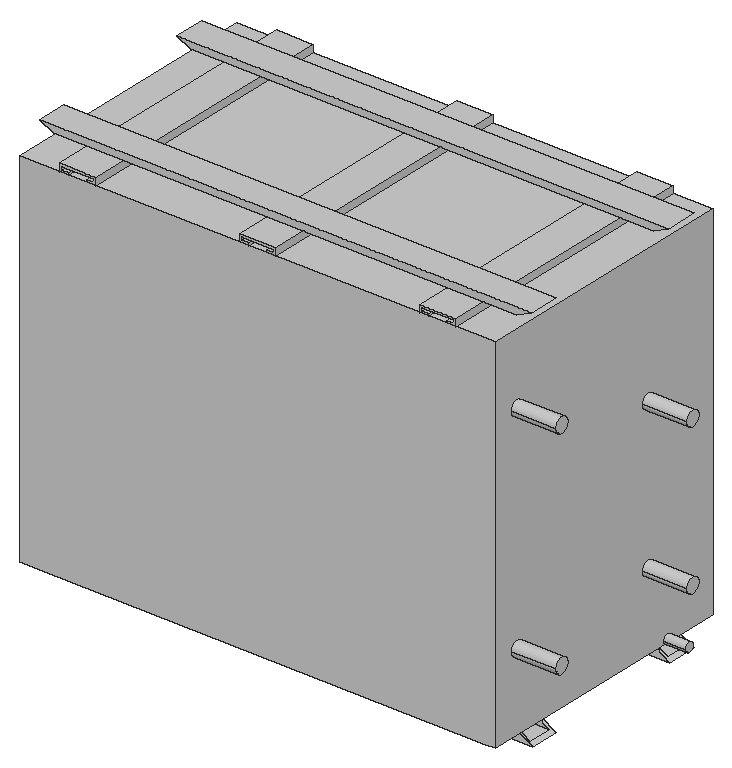
Revit family "Heat Pump-Rheem-W2W-15kW B", category Mechanical Equipment, Revit 2016
Family settings
  Part Type = Normal
  Round Connector Dimension = Use Radius
  OmniClass Number = 23.75.10.21
  OmniClass Title = Heat Pumps
  Work Plane-Based = No
  Always vertical = Yes
  Cut with Voids When Loaded = No
  Shared = No
  Room Calculation Point = No
Parameters (values of type "9540150S")
  calcTopSupport = if(Show Top Supports, 32 mm, 0 mm)  # 32 mm
  calcFanGuardDepth = 133 mm  # constant formula
  Width_ANZRS = 599 mm  # constant formula
  Wattage_ANZRS = 15 kW  # constant formula
  Voltage_ANZRS = 230 V
  URL = "https://www.rheem.com.au/products/commercial/commercial-heat-pumps"
  Type Comments = ""
  SupportInsetSide = 77 mm  # constant formula
  Show Top Supports = yes
  ProductCode_ANZRS = "9540150S"
  PowerFactor_ANZRS = 1
  OutletPipeDiameter = 32 mm  # constant formula
  calcOutletPipeRad = if(1 = 1, OutletPipeDiameter / 2, 0 mm)  # 16 mm
  Model = "Rheem Commercial Water to Water Heat Pump – 15kW Stackable Model"
  Material_ANZRS = Rheem-Steel-Grey
  Manufacturer = "Rheem"  # constant formula
  Length_ANZRS = 1049 mm  # constant formula
  InletPipeDiameter = 32 mm  # constant formula
  calcInletPipeRadius = if(1 = 1, InletPipeDiameter / 2, 0 mm)  # 16 mm
  Height_ANZRS = if(Show Top Supports, 859 mm, 827 mm)  # 859 mm
  Description = "Rheem's Commercial Water to Water (W2W) heat pump includes units using R134a for hot water heating up to 65°C, with a minimum entering water temperature on the building loop of 12°C, giving a return water temperature of 7°C, with the units being compact and suitable for indoor or external installation. Stackable models allow units to be stacked two high for reduced footprint."
  CreatedBy_ANZRS = "Design Content"  # constant formula
  CreatedByURL_ANZRS = "https://www.designcontent.com.au/"
  Assembly Code = ""
  ApparentLoad_ANZRS = Wattage_ANZRS  # 15 kW
Types (2, lengths in mm): name | calcTopSupport | Show Top Supports | ProductCode_ANZRS | Model | Height_ANZRS | Description
  95401500 | 0 | no | "95401500" | "Rheem Commercial Water to Water Heat Pump – 15kW" | 827 | "Rheem's Commercial Water to Water (W2W) heat pump includes units using R134a for hot water heating up to 65°C, with a minimum entering water temperature on the building loop of 12°C, giving a return water temperature of 7°C, with the units being compact and suitable for indoor or external installation."
  9540150S | 32 | yes | "9540150S" | "Rheem Commercial Water to Water Heat Pump – 15kW Stackable Model" | 859 | "Rheem's Commercial Water to Water (W2W) heat pump includes units using R134a for hot water heating up to 65°C, with a minimum entering water temperature on the building loop of 12°C, giving a return water temperature of 7°C, with the units being compact and suitable for indoor or external installation. Stackable models allow units to be stacked two high for reduced footprint."
Reference planes
  plane 1 "Center (Front/Back)": y = 0
  plane 2: z = 0
  plane 3 "Center (Left/Right)": x = 0
  plane 4 "Back": y = 299.5
  plane 5 "Front": y = -299.5
  plane 6 "Left": x = -524.5
  plane 7 "Right": x = 524.5
  plane 8: z = 24
  plane 9 "HEIGHT": z = 827
  plane 10 "Inlet": z = 197
  plane 11 "Outlet": z = 673
  plane 12: x = 624.5
  plane 13: y = -222.5
  plane 14: y = 222.5
  plane 15: x = 574.5
  plane 16: z = 859
  plane 17: x = -544.5
  plane 18: x = 544.5
  plane 19 "Pipework": y = -241.5
Forms (mm)
  Extrusion 1, solid, material "Rheem-Steel-Grey" <- "Material_ANZRS", detail levels medium+fine
    sketch origin (0, 0, 0) x (1, 0, 0) y (0, 1, 0)
      loop
        line (-524.5, 299.5) -> (-524.5, -299.5) -> (524.5, -299.5) -> (524.5, 299.5) -> (-524.5, 299.5)
    from 24 to 827
  Extrusion 2, solid, material "Rheem-Steel-Grey" <- "Material_ANZRS"
    sketch origin (0, 111.908, 381.979) x (0, -1, 0) y (0, 0, 1)
      loop
        circle (353.408, -184.979) r 16
      loop
        circle (353.408, 291.021) r 16
      loop
        circle (-8.592, -184.979) r 16
      loop
        circle (-8.592, 145.021) r 16
    from -524.5 to -624.5
  Extrusion 3, solid, material "Rheem-Steel-Grey" <- "Material_ANZRS"
    sketch origin (524.5, 0, 0) x (0, -1, 0) y (0, 0, -1)
      loop
        circle (-173.5, -34) r 10
    from 0 to 50
  Extrusion 4, solid, material "Rheem-Steel-Grey" <- "Material_ANZRS", detail levels coarse
    sketch origin (0, 0, 827) x (-1, 0, 0) y (0, -1, 0)
      loop
        line (524.5, -299.5) -> (524.5, 299.5) -> (-524.5, 299.5) -> (-524.5, -299.5) -> (524.5, -299.5)
    from -827 to 32
  Extrusion 5, solid, material "Rheem-Steel-Grey" <- "Material_ANZRS", detail levels medium+fine
    sketch origin (0, 0, 0) x (0, 1, 0) y (0, 0, 1)
      loop
        line (247.5, 24) -> (217.5, 24) -> (217.5, 5) -> (163.086, 5) -> (163.086, 24) -> (133, 24) -> (133, 19) -> (158, 19) -> (158, 0) -> (222.5, 0) -> (222.5, 19) -> (247.5, 19) -> (247.5, 24)
      loop
        line (-133, 24) -> (-163, 24) -> (-163, 5) -> (-217.414, 5) -> (-217.414, 24) -> (-247.5, 24) -> (-247.5, 19) -> (-222.5, 19) -> (-222.5, 0) -> (-158, 0) -> (-158, 19) -> (-133, 19) -> (-133, 24)
    from -544.5 to 544.5
  Extrusion 6, solid, material "Rheem-Steel-Grey" <- "Material_ANZRS", visible <- "Show Top Supports", detail levels medium+fine
    sketch origin (0, 0, 0) x (1, 0, 0) y (0, 0, 1)
      loop
        line (-437.141, 827) -> (-417.141, 827) -> (-417.141, 832) -> (-432.141, 832) -> (-432.141, 838) -> (-362.141, 838) -> (-362.141, 832) -> (-377.141, 832) -> (-377.141, 827) -> (-357.141, 827) -> (-357.141, 843) -> (-437.141, 843) -> (-437.141, 827)
      loop
        line (357.141, 827) -> (377.141, 827) -> (377.141, 832) -> (362.141, 832) -> (362.141, 838) -> (432.141, 838) -> (432.141, 832) -> (417.141, 832) -> (417.141, 827) -> (437.141, 827) -> (437.141, 843) -> (357.141, 843) -> (357.141, 827)
      loop
        line (-40, 827) -> (-20, 827) -> (-20, 832) -> (-35, 832) -> (-35, 838) -> (35, 838) -> (35, 832) -> (20, 832) -> (20, 827) -> (40, 827) -> (40, 843) -> (-40, 843) -> (-40, 827)
    from -299.5 to 299.5
  Extrusion 7, solid, material "Rheem-Steel-Grey" <- "Material_ANZRS", visible <- "Show Top Supports", detail levels medium+fine
    sketch origin (23.5, 184.859, 18.5) x (0, -1, 0) y (0, 0, 1)
      loop
        line (29.359, 824.5) -> (29.359, 840.5) -> (-38.641, 840.5) -> (-38.641, 824.5) -> (-18.617, 824.5) -> (-18.617, 829) -> (-33.617, 829) -> (-33.617, 835.5) -> (24.359, 835.5) -> (24.359, 829) -> (9.359, 829) -> (9.359, 824.5) -> (29.359, 824.5)
      loop
        line (340.359, 824.5) -> (360.359, 824.5) -> (360.359, 829) -> (345.359, 829) -> (345.359, 835.5) -> (403.334, 835.5) -> (403.334, 829) -> (388.334, 829) -> (388.334, 824.5) -> (408.359, 824.5) -> (408.359, 840.5) -> (340.359, 840.5) -> (340.359, 824.5)
    from -521 to 568
  Extrusion 8, solid, detail levels medium+fine
    sketch origin (725.494, 299.5, 222.402) x (-1, 0, 0) y (0, 0, 1)
      loop
        circle (252.008, 381.5) r 15
      loop
        circle (252.008, 431.5) r 15
      loop
        circle (252.008, 331.5) r 15
      loop
        circle (252.008, 281.5) r 10
      loop
        circle (252.008, 231.5) r 10
    from 0 to 5
  Extrusion 9, void
    sketch origin (0, 0, 0) x (1, 0, 0) y (0, 0, 1)
      loop
        line (-511.136, 843) -> (-544.5, 860) -> (-544.5, 843) -> (-511.136, 843)
      loop
        line (511.136, 843) -> (544.5, 843) -> (544.5, 859.5) -> (511.136, 843)
      loop
        line (-502.931, 24) -> (-544.5, 24) -> (-544.5, 0) -> (-502.931, 24)
      loop
        line (502.931, 24) -> (544.5, 0) -> (544.5, 24) -> (502.931, 24)
    from -299.5 to 299.5
Cuts and joins
  Extrusion 9 cuts Extrusion 1
  Extrusion 9 cuts Extrusion 5
  Extrusion 9 cuts Extrusion 7
Lines and regions (mm)
  Split face 1
    outline origin (524.5, 299.5, 827) x (0, 0, -1) y (-1, 0, 0)
      loop
        line (140, 100) -> (802, 100) -> (802, 949) -> (140, 949) -> (140, 100)
  Split face 2
    outline origin (524.5, 299.5, 827) x (0, 0, -1) y (-1, 0, 0)
      loop
        line (120, 100) -> (120, 949) -> (20, 949) -> (20, 100) -> (120, 100)
Dimensions and locks
  equal spacing: plane 6 "Left", plane 3 "Center (Left/Right)", plane 7 "Right"
  equal spacing: plane 4 "Back", plane 1 "Center (Front/Back)", plane 5 "Front"
  "Width_ANZRS": plane 4 "Back" to plane 5 "Front"
  "Length_ANZRS": plane 6 "Left" to plane 7 "Right"
  locked: plane 12 to plane 7 "Right" at 100
  "SupportInsetSide": plane 5 "Front" to plane 13
  "SupportInsetSide": plane 14 to plane 4 "Back"
  locked: Extrusion 3 sketch curve to plane 8 at 10
  equal spacing: plane 12, plane 15, plane 7 "Right"
  locked: plane 8 to Extrusion 5 sketch curve at 5  (x2)
  Extrusion 5 sketch curve to plane 14 to Extrusion 5 sketch curve to Extrusion 5 sketch curve to Extrusion 5 sketch curve to Extrusion 5 sketch curve = 25 mm locked, 5 mm locked, 54.414 mm locked, 5.086 mm locked, 25 mm locked
  locked: plane 4 "Back" to Extrusion 3 sketch curve at 126
  Extrusion 5 sketch curve to Extrusion 5 sketch curve to Extrusion 5 sketch curve to Extrusion 5 sketch curve to Extrusion 5 sketch curve to Extrusion 5 sketch curve = 25 mm locked, 5 mm locked, 54.414 mm locked, 5.086 mm locked, 25 mm locked
  locked: Extrusion 6 sketch curve to plane 9 "HEIGHT" at 16
  Extrusion 6 sketch curve to Extrusion 6 sketch curve to plane 9 "HEIGHT" = 6 mm locked, 5 mm locked  (x3)
  locked: plane 9 "HEIGHT" to plane 8 at 803
  locked: plane 8 to plane 2 at 24
  locked: nested 1 to plane 9 "HEIGHT" at 300
  locked: plane 17 to plane 6 "Left" at 20
  locked: plane 18 to plane 7 "Right" at 20
  Extrusion 9 sketch curve to Extrusion 9 sketch curve to plane 9 "HEIGHT" = 17 mm, 16 mm
  Extrusion 9 sketch curve to Extrusion 9 sketch curve to plane 9 "HEIGHT" = 16.5 mm locked, 16 mm locked
  locked: plane 19 "Pipework" to plane 5 "Front" at 58
  locked: plane 10 "Inlet" to plane 2 at 197
  locked: plane 11 "Outlet" to plane 10 "Inlet" at 476
  locked: Extrusion 2 sketch curve to plane 4 "Back" at 179  (x2)
  locked: Extrusion 2 sketch curve to plane 10 "Inlet" at 330
  locked: plane 8 to Split face 1 sketch curve at 1
  Split face 1 sketch curve to plane 9 "HEIGHT" = 140 mm
  locked: Split face 1 sketch curve to plane 7 "Right" at 100
  locked: plane 6 "Left" to Split face 1 sketch curve at 100
  locked: plane 7 "Right" to Split face 2 sketch curve at 100
  locked: plane 6 "Left" to Split face 2 sketch curve at 100
  locked: Split face 2 sketch curve to plane 9 "HEIGHT" at 20
  locked: Split face 2 sketch curve to plane 9 "HEIGHT" at 120
  "calcTopSupport": plane 16 to plane 9 "HEIGHT"
  Extrusion 7 sketch curve to Extrusion 7 sketch curve to Extrusion 7 sketch curve to Extrusion 7 sketch curve to plane 9 "HEIGHT" = 5 mm locked, 6.5 mm locked, 4.5 mm locked, 16 mm locked
  "calcOutletPipeRad": radius of Extrusion 2 sketch curve
  "calcInletPipeRadius": radius of Extrusion 2 sketch curve
  radius of Extrusion 3 sketch curve = 10 mm
  aligned and locked: level to plane 2
  aligned and locked: Extrusion 1 sketch curve to plane 6 "Left"
  aligned and locked: Extrusion 1 sketch curve to plane 7 "Right"
  aligned and locked: plane 9 "HEIGHT" to Extrusion 1
  aligned and locked: Extrusion 1 to plane 8
  aligned and locked: plane 5 "Front" to Extrusion 1
  aligned and locked: Extrusion 2 to plane 7 "Right"
  aligned and locked: plane 11 "Outlet" to Extrusion 2 sketch curve
  aligned and locked: plane 10 "Inlet" to Extrusion 2 sketch curve
  aligned and locked: plane 15 to Extrusion 3
  aligned and locked: Extrusion 4 sketch curve to plane 4 "Back"
  aligned and locked: Extrusion 4 sketch curve to plane 5 "Front"
  aligned and locked: Extrusion 4 sketch curve to plane 7 "Right"
  aligned and locked: Extrusion 4 sketch curve to plane 6 "Left"
  aligned and locked: Extrusion 4 to plane 2
  aligned and locked: plane 16 to Extrusion 4
  aligned and locked: plane 12 to Extrusion 2
  aligned and locked: plane 5 "Front" to Extrusion 6
  aligned and locked: plane 4 "Back" to Extrusion 6
  aligned and locked: Extrusion 6 sketch curve to Extrusion 6 sketch curve  (x8)
  aligned and locked: plane 4 "Back" to Extrusion 1
  aligned and locked: Extrusion 7 sketch curve to Extrusion 7 sketch curve  (x8)
  aligned and locked: nested 1 to plane 3 "Center (Left/Right)"
  aligned and locked: Extrusion 5 to plane 17
  aligned and locked: plane 18 to Extrusion 5
  aligned and locked: Extrusion 7 to plane 17
  aligned and locked: plane 18 to Extrusion 7
  aligned and locked: plane 17 to Extrusion 9 sketch curve
  aligned and locked: Extrusion 9 sketch curve to plane 8
  aligned and locked: Extrusion 9 sketch curve to plane 17
  aligned and locked: plane 18 to Extrusion 9 sketch curve
  aligned and locked: Extrusion 9 to Extrusion 1  (x2)
  aligned and locked: plane 19 "Pipework" to Extrusion 2 sketch curve  (x2)
Automatic sketch dimensions
  plane 5 "Front" to Extrusion 1 sketch curve = 0 mm
  Extrusion 1 sketch curve to plane 4 "Back" = 0 mm
  Extrusion 5 sketch curve to plane 8 = 0 mm  (x4)
  Extrusion 5 sketch curve to level = 0 mm  (x2)
  Extrusion 5 sketch curve to plane 13 = 0 mm
  Extrusion 5 sketch curve to plane 14 = 0 mm
  level to Extrusion 5 sketch curve = 5 mm  (x2)
  Extrusion 5 sketch curve to plane 8 = 5 mm  (x2)
  Extrusion 6 sketch curve to plane 9 "HEIGHT" = 0 mm  (x3)
  Extrusion 6 sketch curve to plane 6 "Left" = 87.359 mm
  Extrusion 6 sketch curve to Extrusion 6 sketch curve = 5 mm  (x6)
  Extrusion 6 sketch curve to Extrusion 6 sketch curve = 15 mm  (x6)
  Extrusion 6 sketch curve to Extrusion 6 sketch curve = 40 mm  (x2)
  Extrusion 6 sketch curve to plane 3 "Center (Left/Right)" = 40 mm
  plane 3 "Center (Left/Right)" to Extrusion 6 sketch curve = 20 mm
  Extrusion 6 sketch curve to plane 7 "Right" = 167.359 mm
  Extrusion 8 sketch curve to plane 7 "Right" = 51.014 mm  (x2)
  Extrusion 8 sketch curve to plane 11 "Outlet" = 119.098 mm
  Extrusion 8 sketch curve to Extrusion 8 sketch curve = 0 mm  (x3)
  Extrusion 8 sketch curve to Extrusion 8 sketch curve = 50 mm  (x3)
  Extrusion 8 sketch curve to plane 11 "Outlet" = 69.098 mm
  Extrusion 9 sketch curve to plane 8 = 0 mm
  Extrusion 9 sketch curve to plane 18 = 0 mm
  Extrusion 9 sketch curve to level = 0 mm  (x2)
  Extrusion 9 sketch curve to plane 6 "Left" = 13.364 mm
  Extrusion 9 sketch curve to plane 6 "Left" = 21.569 mm
  Extrusion 9 sketch curve to plane 7 "Right" = 21.569 mm
  Extrusion 9 sketch curve to plane 7 "Right" = 13.364 mm
  plane 14 to Extrusion 7 sketch curve = 1 mm
  Extrusion 7 sketch curve to plane 14 = 4.024 mm
  Extrusion 7 sketch curve to Extrusion 7 sketch curve = 15 mm  (x3)
  Extrusion 7 sketch curve to Extrusion 7 sketch curve = 27.976 mm
  Extrusion 7 sketch curve to Extrusion 7 sketch curve = 5 mm  (x2)
  plane 13 to Extrusion 7 sketch curve = 67 mm
  plane 13 to Extrusion 7 sketch curve = 19.024 mm
  plane 13 to Extrusion 7 sketch curve = 4.024 mm
  Extrusion 7 sketch curve to plane 13 = 1 mm
  Extrusion 2 sketch curve to plane 10 "Inlet" = 0 mm
  radius of Extrusion 8 sketch curve = 15 mm  (x3)
  radius of Extrusion 8 sketch curve = 10 mm  (x2)
  radius of Extrusion 2 sketch curve = 16 mm  (x2)
Nested families
  nested 1: "X_Rheem Logo" at (0, 299.5, 527) x (-1, 0, 0) z (0, 1, 0), type "Standard", detail levels fine
Connectors
  piping at (624.5, -241.5, 197), diameter 32, driven by "calcInletPipeRadius"
    settings: on Extrusion 2, index 9, connector inside diameter 20 mm, connector length 0 mm, flow factor 0, pipe flow 0.0 L/s, pressure drop 0.0 Pa, fitting loss kfactor 0, connector angle 0.00°, fixture units 0, engagement length 0 mm, angle of deflection 0.00°, flow configuration 1, flow direction 1, fitting loss method 0, system type 20, joint type 0, gender type 0, connector reference index -1, connector utility 0, adjustable connector no, is connector primary yes, connector description "Water In"
  piping at (624.5, -241.5, 197), diameter 32, driven by "calcOutletPipeRad"
    settings: on Extrusion 2, index 10, connector inside diameter 20 mm, connector length 0 mm, flow factor 0, pipe flow 0.0 L/s, pressure drop 0.0 Pa, fitting loss kfactor 0, connector angle 0.00°, fixture units 0, engagement length 0 mm, angle of deflection 0.00°, flow configuration 1, flow direction 2, fitting loss method 0, system type 20, joint type 0, gender type 0, connector reference index -1, connector utility 0, adjustable connector no, is connector primary no, connector description "CW Out"
  piping at (574.5, 173.5, 34), diameter 20
    settings: on Extrusion 3, index 11, connector inside diameter 609.6 mm, connector length 0 mm, flow factor 0, pipe flow 0.0 L/s, pressure drop 0.0 Pa, fitting loss kfactor 0, connector angle 0.00°, fixture units 0, engagement length 0 mm, angle of deflection 0.00°, flow configuration 1, flow direction 2, fitting loss method 0, system type 16, joint type 0, gender type 0, connector reference index -1, connector utility 0, adjustable connector no, is connector primary no, connector description ""
  piping at (624.5, -241.5, 673), diameter 32, driven by "calcInletPipeRadius"
    settings: on Extrusion 2, index 16, connector inside diameter 609.6 mm, connector length 0 mm, flow factor 0, pipe flow 0.0 L/s, pressure drop 0.0 Pa, fitting loss kfactor 0, connector angle 0.00°, fixture units 0, engagement length 0 mm, angle of deflection 0.00°, flow configuration 1, flow direction 1, fitting loss method 0, system type 20, joint type 0, gender type 0, connector reference index -1, connector utility 0, adjustable connector no, is connector primary no, connector description "CW In"
  electrical at (473.486, 299.5, 653.902), driven by "Voltage_ANZRS", driven by "ApparentLoad_ANZRS", driven by "PowerFactor_ANZRS"
    settings: on Extrusion 8, index 17, voltage 230 V, apparent load 15 kW, apparent load phase1 0 kW, apparent load phase2 0 kW, apparent load phase3 0 kW, power factor 1, load classification "Power", number of poles 1, system type 30, power factor state 1, is connector primary yes, connector utility no, sub classification motor no, connector description ""
  electrical at (473.486, 299.5, 603.902), driven by "Voltage_ANZRS", driven by "ApparentLoad_ANZRS", driven by "PowerFactor_ANZRS"
    settings: on Extrusion 8, index 18, voltage 230 V, apparent load 15 kW, apparent load phase1 0 kW, apparent load phase2 0 kW, apparent load phase3 0 kW, power factor 1, load classification "Power", number of poles 1, system type 30, power factor state 1, is connector primary no, connector utility no, sub classification motor no, connector description ""
  electrical at (473.486, 299.5, 553.902), driven by "Voltage_ANZRS", driven by "ApparentLoad_ANZRS", driven by "PowerFactor_ANZRS"
    settings: on Extrusion 8, index 19, voltage 230 V, apparent load 15 kW, apparent load phase1 0 kW, apparent load phase2 0 kW, apparent load phase3 0 kW, power factor 1, load classification "Power", number of poles 1, system type 30, power factor state 1, is connector primary no, connector utility no, sub classification motor no, connector description ""
  electrical at (473.486, 299.5, 503.902), driven by "Voltage_ANZRS", driven by "ApparentLoad_ANZRS", driven by "PowerFactor_ANZRS"
    settings: on Extrusion 8, index 20, voltage 230 V, apparent load 15 kW, apparent load phase1 0 kW, apparent load phase2 0 kW, apparent load phase3 0 kW, power factor 1, load classification "Power", number of poles 1, system type 30, power factor state 1, is connector primary no, connector utility no, sub classification motor no, connector description ""
  electrical at (473.486, 299.5, 453.902), driven by "Voltage_ANZRS", driven by "ApparentLoad_ANZRS", driven by "PowerFactor_ANZRS"
    settings: on Extrusion 8, index 21, voltage 230 V, apparent load 15 kW, apparent load phase1 0 kW, apparent load phase2 0 kW, apparent load phase3 0 kW, power factor 1, load classification "Power", number of poles 1, system type 30, power factor state 1, is connector primary no, connector utility no, sub classification motor no, connector description ""
  piping at (624.5, 120.5, 197), diameter 32, driven by "calcInletPipeRadius"
    settings: on Extrusion 2, index 22, connector inside diameter 609.6 mm, connector length 0 mm, flow factor 0, pipe flow 0.0 L/s, pressure drop 0.0 Pa, fitting loss kfactor 0, connector angle 0.00°, fixture units 0, engagement length 0 mm, angle of deflection 0.00°, flow configuration 1, flow direction 1, fitting loss method 0, system type 19, joint type 0, gender type 0, connector reference index -1, connector utility 0, adjustable connector no, is connector primary no, connector description "HW In"
  piping at (624.5, 120.5, 527), diameter 32, driven by "calcOutletPipeRad"
    settings: on Extrusion 2, index 23, connector inside diameter 609.6 mm, connector length 0 mm, flow factor 0, pipe flow 0.0 L/s, pressure drop 0.0 Pa, fitting loss kfactor 0, connector angle 0.00°, fixture units 0, engagement length 0 mm, angle of deflection 0.00°, flow configuration 1, flow direction 2, fitting loss method 0, system type 19, joint type 0, gender type 0, connector reference index -1, connector utility 0, adjustable connector no, is connector primary no, connector description "HW Out"
Definition of nested family "X_Rheem Logo"
  Parameters (values of type "Standard")
    Default Elevation = 1219.2 mm
    Assembly Code = ""
  Reference planes
    plane 1 "Center (Front/Back)": y = 0
    plane 2: z = 0
    plane 3 "Center (Left/Right)": x = 0
  Forms (mm)
    Extrusion 1, solid
      sketch origin (0, 0, 0) x (1, 0, 0) y (0, 1, 0)
        loop
          line (-1219.2, 1219.2) -> (-1219.2, -1219.2) -> (1219.2, -1219.2) -> (1219.2, 1219.2) -> (-1219.2, 1219.2)
      from 0 to -304.8
    Extrusion 2, solid
      sketch origin (0, 0, 0) x (1, 0, 0) y (0, 1, 0)
        loop
          arc (-33.529, -21.813) -> (38.36, -11.338) -> (-16.283, 36.536) r 40
          line (-16.283, 36.536) -> (-16.283, 5.397)
          arc (-16.283, 5.397) -> (-14.75, 6.901) -> (-12.662, 7.405) r 4.033
          arc (-12.662, 7.405) -> (-9.852, 6.403) -> (-8.561, 3.712) r 3.918
          line (-8.561, 3.712) -> (-8.561, -8.033) -> (-11.525, -8.033) -> (-11.525, 1.806)
          arc (-11.525, 1.806) -> (-12.858, 4.057) -> (-15.428, 3.572) r 2.279
          arc (-15.428, 3.572) -> (-15.988, 2.759) -> (-16.246, 1.806) r 2.925
          line (-16.246, 1.806) -> (-16.246, -8.079) -> (-19.645, -8.079) -> (-19.645, 34.843)
          arc (-19.645, 34.843) -> (-26.644, 29.834) -> (-32.41, 23.444) r 40
          arc (-32.41, 23.444) -> (-21.103, 13.87) -> (-28.782, 1.2) r 11.411
          line (-28.782, 1.2) -> (-7.321, -24.919) -> (-11.462, -24.919) -> (-31.83, -0.131) -> (-31.83, -21.813) -> (-33.529, -21.813)
        loop
          line (-35.017, -19.335) -> (-35.017, 19.335)
          arc (-35.017, 19.335) -> (-40, 0) -> (-35.017, -19.335) r 40
        loop
          line (19.37, -8.097) -> (22.563, -8.097) -> (22.563, 2.258)
          spline (22.563, 2.258) -> (22.878, 3.103) -> (23.24, 3.526) -> (23.639, 3.818) -> (24.082, 3.997) -> (24.556, 4.074) -> (25.034, 4.068) -> (25.491, 3.983) -> (25.903, 3.817) -> (26.238, 3.56) -> (26.492, 3.191) -> (26.717, 2.639) -> (26.9, 1.6)
          line (26.9, 1.6) -> (26.9, -8.097) -> (29.854, -8.097) -> (29.854, 2.258)
          spline (29.854, 2.258) -> (30.181, 3.064) -> (30.553, 3.474) -> (30.969, 3.74) -> (31.419, 3.936) -> (31.889, 4.059) -> (32.364, 4.078) -> (32.821, 3.995) -> (33.233, 3.826) -> (33.568, 3.567) -> (33.822, 3.195) -> (34.048, 2.639) -> (34.231, 1.594)
          line (34.231, 1.594) -> (34.231, -8.097) -> (37.174, -8.097) -> (37.174, 3.718)
          spline (37.174, 3.718) -> (36.65, 5.383) -> (35.957, 6.159) -> (35.415, 6.563) -> (34.941, 6.826) -> (34.394, 7.032) -> (33.695, 7.17) -> (32.91, 7.2) -> (32.152, 7.119) -> (31.53, 6.952) -> (31.006, 6.67) -> (30.429, 6.179) -> (29.566, 5.166)
          spline (29.566, 5.166) -> (28.777, 6.078) -> (28.276, 6.494) -> (27.782, 6.788) -> (27.231, 7.014) -> (26.621, 7.177) -> (26.085, 7.261) -> (25.622, 7.26) -> (25.015, 7.185) -> (24.376, 7.012) -> (23.849, 6.722) -> (23.308, 6.304) -> (22.552, 5.275)
          line (22.552, 5.275) -> (22.552, 6.926) -> (19.37, 6.926) -> (19.37, -8.097)
        loop
          line (-4.051, 1.414) -> (2.029, 1.414)
          spline (2.029, 1.414) -> (1.473, 2.786) -> (1.087, 3.377) -> (0.673, 3.834) -> (0.205, 4.224) -> (-0.271, 4.485) -> (-0.868, 4.588) -> (-1.527, 4.548) -> (-2.06, 4.356) -> (-2.438, 4.033) -> (-2.865, 3.608) -> (-3.384, 2.906) -> (-4.051, 1.414)
        loop
          line (-4.095, -1.507) -> (5.029, -1.507)
          spline (5.029, -1.507) -> (4.769, 1.886) -> (4.1, 3.692) -> (3.083, 5.302) -> (1.664, 6.502) -> (-0.127, 7.316) -> (-1.72, 7.317) -> (-3.497, 6.614) -> (-4.898, 5.44) -> (-6.016, 3.817) -> (-6.693, 1.944) -> (-6.954, 0.058) -> (-6.657, -3.194)
          spline (-6.657, -3.194) -> (-5.711, -5.424) -> (-4.777, -6.63) -> (-3.808, -7.465) -> (-2.878, -7.994) -> (-1.873, -8.306) -> (-0.773, -8.411) -> (0.288, -8.278) -> (1.264, -7.907) -> (2.23, -7.346) -> (3.148, -6.594) -> (4.02, -5.578) -> (4.876, -3.596)
          line (4.876, -3.596) -> (1.705, -3.596)
          spline (1.705, -3.596) -> (0.883, -4.78) -> (0.307, -5.189) -> (-0.248, -5.429) -> (-0.802, -5.54) -> (-1.305, -5.525) -> (-1.909, -5.294) -> (-2.514, -4.923) -> (-2.921, -4.547) -> (-3.253, -4.098) -> (-3.591, -3.486) -> (-3.885, -2.641) -> (-4.095, -1.507)
        loop
          line (8.984, 1.152) -> (15.064, 1.152)
          spline (15.064, 1.152) -> (14.509, 2.524) -> (14.123, 3.116) -> (13.708, 3.573) -> (13.241, 3.962) -> (12.764, 4.224) -> (12.168, 4.327) -> (11.508, 4.287) -> (10.975, 4.095) -> (10.598, 3.771) -> (10.171, 3.347) -> (9.652, 2.645) -> (8.984, 1.152)
        loop
          line (8.973, -1.54) -> (18.097, -1.54)
          spline (18.097, -1.54) -> (17.837, 1.853) -> (17.168, 3.659) -> (16.151, 5.269) -> (14.732, 6.469) -> (12.941, 7.283) -> (11.348, 7.285) -> (9.571, 6.581) -> (8.17, 5.407) -> (7.052, 3.785) -> (6.375, 1.911) -> (6.114, 0.026) -> (6.412, -3.226)
          spline (6.412, -3.226) -> (7.357, -5.456) -> (8.291, -6.663) -> (9.26, -7.498) -> (10.191, -8.027) -> (11.195, -8.339) -> (12.295, -8.444) -> (13.356, -8.311) -> (14.332, -7.939) -> (15.298, -7.379) -> (16.217, -6.626) -> (17.088, -5.61) -> (17.944, -3.629)
          line (17.944, -3.629) -> (14.773, -3.629)
          spline (14.773, -3.629) -> (13.951, -4.813) -> (13.375, -5.222) -> (12.82, -5.462) -> (12.266, -5.573) -> (11.763, -5.557) -> (11.159, -5.326) -> (10.555, -4.955) -> (10.147, -4.58) -> (9.816, -4.131) -> (9.477, -3.519) -> (9.183, -2.673) -> (8.973, -1.54)
        loop
          circle (0, 0) r 43
        loop
          arc (-31.817, 3.841) -> (-24.154, 12.033) -> (-31.817, 20.226) r 8.211
          line (-31.817, 20.226) -> (-31.817, 3.841)
      from 0 to 1
  Dimensions and locks
    aligned and locked: plane 2 to Extrusion 1
    aligned and locked: level to Extrusion 1
